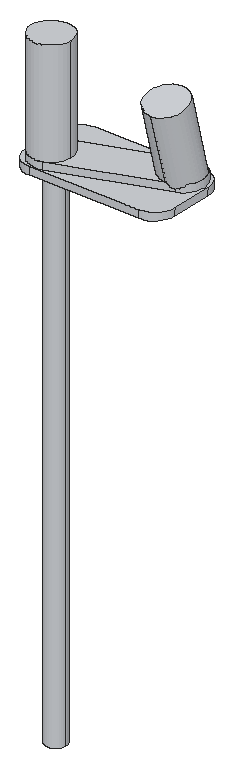
Revit family "Prier C-534", category Plumbing Fixtures, host Face, Revit 2012
Parameters (values of type "1/2" Inlet")
  Waste Connection = no
  Vent Connection = no
  URL = "www.Prier.com"
  Type Comments = if(Satin Nickel Plated, "Satin Nickel Plated", if(Rough Brass, "Rough Brass", "Custom"))  # "Satin Nickel Plated"
  Satin Nickel Plated = yes
  Rough Brass = no
  Model = "C-534"
  Manufacturer = "Prier"
  Inlet Radius = Inlet Size / 2  # 0' - 0 1/4"
  Inlet Size = 1/2"
  Hydrant Length [instance] = 1' - 0"
  HW Connection = no
  Default Elevation = 4' - 0"
  Custom = no
  Code Standards = "ASSE 1019, ASSE 1052, & CUPC"
  Code Listings = "ASSE. CUPC, & IAPMO"
  CW Connection = yes
Types (3): name | Inlet Radius | Inlet Size
  (no name) | 0' - 0 1/4" | 1/2"
  3/4" Inlet | 0' - 0 3/8" | 3/4"
  1/2" Inlet | 0' - 0 1/4" | 1/2"
Reference planes (in)
  plane 1 "Center (Front/Back)": y = 0
  plane 2: z = 0
  plane 3 "Center (Left/Right)": x = 0
  plane 4 "Hydrant Length": z = -12
  plane 5 "End of Threads": z = -12.875
  plane 6 "Hose Connection": through (0, 0.33794, 0.19684) normal (0, -0.2588, 0.9659)
Forms (in)
  Extrusion 1, solid
    sketch origin (0, 0, 0) x (1, 0, 0) y (0, 1, 0)
      loop
        arc (-1.375, 1.01562) -> (-1.72855, 0.86918) -> (-1.875, 0.51562) r 0.5
        line (-1.875, 0.51562) -> (-1.875, -0.51563)
        arc (-1.875, -0.51563) -> (-1.72855, -0.86918) -> (-1.375, -1.01563) r 0.5
        line (-1.375, -1.01563) -> (1.375, -1.01563)
        arc (1.375, -1.01563) -> (1.72855, -0.86918) -> (1.875, -0.51563) r 0.5
        line (1.875, -0.51563) -> (1.875, 0.51562)
        arc (1.875, 0.51562) -> (1.72855, 0.86918) -> (1.375, 1.01562) r 0.5
        line (1.375, 1.01562) -> (-1.375, 1.01562)
    from 0 to 0.187
  Extrusion 2, solid
    sketch origin (0, -0.5, -2.25) x (-1, 0, 0) y (0, -1, 0)
      loop
        circle (1.125, 0) r 0.25
    from 2.25 to -10.625
  Extrusion 3, solid
    sketch origin (0.75, 0.25, 0) x (1, 0, 0) y (0, 1, 0)
      loop
        arc (-2.18425, -0.2567) -> (-2.48309, -0.89756) -> (-1.84223, -1.19639) r 0.5
        line (-1.84223, -1.19639) -> (0.73304, -0.25907)
        arc (0.73304, -0.25907) -> (1.03188, 0.38178) -> (0.39102, 0.68062) r 0.5
        line (0.39102, 0.68062) -> (-2.18425, -0.2567)
    from 0.1875 to 0.375
  Extrusion 4, solid
    sketch origin (-0.00517, 1.03932, 0) x (1, 0, 0) y (0, 1, 0)
      loop
        circle (-1.25985, -1.51828) r 0.5
    from 0.375 to 3
Lines and regions (in)
  symbolic lines, style "PlumbingFixtures", detail levels fine
    curve 1: line (-1.375, 0, 0) -> (-1.375, 0, -12.875)
    curve 2: line (-1.375, 0, -12.875) -> (-0.875, 0, -12.875)
    curve 3: line (-0.875, 0, -12.875) -> (-0.875, 0, 0)
    curve 8: line (1.875, 0, 0) -> (1.875, 0, 0.375)
    curve 9: line (-1.875, 0, 0) -> (-1.875, 0, 0.375)
    curve 10: line (-1.875, 0, 0.375) -> (1.875, 0, 0.375)
    curve 11: line (-1.875, 0, 0) -> (1.875, 0, 0)
    curve 12: line (-0.75, 0, 0.375) -> (-0.75, 0, 3)
    curve 13: line (-1.75, 0, 0.375) -> (-1.75, 0, 3)
    curve 14: line (-1.75, 0, 3) -> (-0.75, 0, 3)
    curve 15: line (0.77579, 0, 0.375) -> (0.77579, 0, 2.28799)
    curve 16: line (1.77579, 0, 0.375) -> (1.77579, 0, 2.28799)
    curve 17: line (1.77579, 0, 2.28799) -> (0.77579, 0, 2.28799)
    curve 18: line (1.77579, 0, 2.24112) -> (0.77579, 0, 2.24112)
    curve 19: line (1.77579, 0, 2.19424) -> (0.77579, 0, 2.19424)
    curve 20: line (1.77579, 0, 2.14737) -> (0.77579, 0, 2.14737)
    curve 21: line (1.77579, 0, 2.10049) -> (0.77579, 0, 2.10049)
    curve 22: line (1.77579, 0, 2.05362) -> (0.77579, 0, 2.05362)
    curve 23: line (1.77579, 0, 2.00674) -> (0.77579, 0, 2.00674)
    curve 24: line (1.77579, 0, 1.95987) -> (0.77579, 0, 1.95987)
    curve 25: line (1.77579, 0, 1.91299) -> (0.77579, 0, 1.91299)
    curve 26: line (1.77579, 0, 1.86612) -> (0.77579, 0, 1.86612)
  symbolic lines, detail levels coarse+medium
    curve 4: line (-1.125, 0, 9.30462) -> (-1.125, 0, 0)
    curve 5: line (-3.375, 0, 6.6875) -> (1.125, 0, 6.6875)
    curve 7: line (-1.125, 0, -12.875) -> (-1.125, 0, 0)
  symbolic lines, not visible, detail levels coarse+medium
    curve 6: line (2.25, 6.90231, 0) -> (2.25, 2.40231, 0)
Dimensions and locks (in)
  locked: plane 4 "Hydrant Length" to plane 5 "End of Threads" at 0.875
  "Hydrant Length": plane 2 to plane 4 "Hydrant Length"
  "Inlet Radius": curve 3 to curve 7
  "Inlet Radius": curve 7 to curve 1
  "Inlet Radius": radius of Extrusion 2 sketch curve
  aligned and locked: plane 2 to host face
  aligned and locked: level to host face
  aligned and locked: Extrusion 1 to level
  aligned and locked: Extrusion 2 to plane 5 "End of Threads"
  aligned and locked: curve 2 to plane 5 "End of Threads"
  aligned and locked: plane 5 "End of Threads" to curve 7
  aligned and locked: plane 2 to Extrusion 2
  aligned and locked: plane 2 to curve 3
  aligned and locked: level to curve 8
  aligned and locked: curve 8 to Extrusion 1
  aligned and locked: curve 8 to Extrusion 3
  aligned and locked: curve 7 to curve 4
Automatic sketch dimensions
  curve 5 to curve 4 = 0' - 2 1/4"
  curve 4 to curve 5 = 0' - 2 1/4"
  curve 5 to curve 4 = 0' - 2.61712"
  curve 4 to curve 5 = 0' - 6 11/16"
  host sketch curve to host sketch curve = 0' - 7.38617"
  host sketch curve to host sketch curve = 0' - 6.70795"
  Extrusion 1 sketch curve to plane 1 "Center (Front/Back)" = 0' - 0 33/64"
  Extrusion 1 sketch curve to plane 3 "Center (Left/Right)" = 0' - 1 7/8"
  Extrusion 1 sketch curve to Extrusion 1 sketch curve = 0' - 0 1/2"  (x3)
  plane 3 "Center (Left/Right)" to Extrusion 1 sketch curve = 0' - 1 3/8"  (x2)
  plane 1 "Center (Front/Back)" to Extrusion 1 sketch curve = 0' - 0 33/64"
  Extrusion 2 sketch curve to plane 3 "Center (Left/Right)" = 0' - 1 1/8"
  Extrusion 3 sketch curve to plane 3 "Center (Left/Right)" = 0' - 1.09223"
  Extrusion 3 sketch curve to Extrusion 3 sketch curve = 0' - 0.17101"  (x4)
  plane 1 "Center (Front/Back)" to Extrusion 3 sketch curve = 0' - 0.0067"
  plane 3 "Center (Left/Right)" to Extrusion 3 sketch curve = 0' - 1.14102"
  plane 1 "Center (Front/Back)" to Extrusion 3 sketch curve = 0' - 0.00907"
  Extrusion 3 sketch curve to Extrusion 3 sketch curve = 0' - 0.46985"
  Extrusion 3 sketch curve to plane 1 "Center (Front/Back)" = 0' - 0.46077"
  plane 1 "Center (Front/Back)" to Extrusion 4 sketch curve = 0' - 0.47896"
  Extrusion 4 sketch curve to plane 3 "Center (Left/Right)" = 0' - 1.26502"
  curve 25 to curve 8 = 0' - 0.09921"
  plane 3 "Center (Left/Right)" to curve 26 = 0' - 0.77579"
  curve 3 to curve 12 = 0' - 0 1/8"
  curve 13 to curve 12 = 0' - 1"
  curve 9 to curve 13 = 0' - 0 1/8"
  curve 15 to curve 26 = 0' - 1.49112"
  curve 26 to curve 25 = 0' - 0 3/64"
  curve 25 to curve 24 = 0' - 0 3/64"
  curve 24 to curve 23 = 0' - 0 3/64"
  curve 23 to curve 22 = 0' - 0 3/64"
  curve 22 to curve 21 = 0' - 0 3/64"
  curve 21 to curve 20 = 0' - 0 3/64"
  curve 20 to curve 19 = 0' - 0 3/64"
  curve 19 to curve 18 = 0' - 0 3/64"
  curve 18 to curve 17 = 0' - 0 3/64"
  curve 15 to curve 14 = 0' - 0.71201"
  plane 1 "Center (Front/Back)" to Extrusion 2 sketch curve = 0' - 0 1/2"
  radius of Extrusion 4 sketch curve = 0' - 0 1/2"
Nested families (in)
  nested 1: "Hose Connection" at (1.27899, 0.47072, 0.23242) x (0, 0.9659, 0.2588) z (0, -0.2588, 0.9659), type "Hose Connection"
    with Outlet Size 1", Outlet Radius 0' - 0 1/2"
Connectors (in)
  piping at (-1.125, -0.5, -12.875), driven by "Inlet Radius"
    settings: on Extrusion 2, index 1, connector radius 1/4", flow factor 0, pipe flow 0 GPM, pressure drop 0.00 psi, fitting loss kfactor 0, connector angle 0.00°, fixture units 0, engagement length 0' - 0", flow configuration 0, flow direction 1, fitting loss method 0, system type 20, joint type 0, gender type 0, connector reference index -1, connector utility 0, adjustable connector no, is connector primary yes, fitting loss table "", connector description "Cold Water Inlet"
Definition of nested family "Hose Connection"
  Parameters (values of type "Hose Connection")
    Waste Connection = no
    Vent Connection = no
    URL = ""
    Type Comments = ""
    Outlet Size [instance] = 1"
    Outlet Radius [instance] = Outlet Size / 2  # 0' - 0 1/2"
    Model = ""
    Manufacturer = ""
    HW Connection = no
    Default Elevation = 4' - 0"
    CW Connection = yes
  Reference planes (in)
    plane 1 "Center (Front/Back)": y = 0
    plane 2: z = 0
    plane 3 "Center (Left/Right)": x = 0
    plane 4: z = 1.57812
    plane 5: z = 1.625
    plane 6: z = 1.67187
    plane 7: z = 1.71875
    plane 8: z = 1.76562
    plane 9: z = 1.8125
    plane 10: z = 1.85937
    plane 11: z = 1.90625
    plane 12: z = 1.95312
  Forms (in)
    Extrusion 1, solid
      sketch origin (0, 0, 0) x (1, 0, 0) y (0, 1, 0)
        loop
          line (-3.75, 3.25) -> (-3.75, -3.45795) -> (3.63617, -3.45795) -> (3.63617, 3.25) -> (-3.75, 3.25)
      from 0 to -2.72513
    Extrusion 2, solid
      sketch origin (-1.125, 0, 0) x (1, 0, 0) y (0, 1, 0)
        loop
          circle (1.125, 0) r 0.5
      from 0 to 2
  Lines and regions (in)
    model lines, detail levels fine
      curve 1: circle (0, 0, 1.57812) r 0.5 normal (0, 0, 1)
      curve 2: circle (0, 0, 1.625) r 0.5 normal (0, 0, 1)
      curve 3: circle (0, 0, 1.67187) r 0.5 normal (0, 0, 1)
      curve 4: circle (0, 0, 1.71875) r 0.5 normal (0, 0, 1)
      curve 5: circle (0, 0, 1.76562) r 0.5 normal (0, 0, 1)
      curve 6: circle (0, 0, 1.8125) r 0.5 normal (0, 0, 1)
      curve 7: circle (0, 0, 1.85937) r 0.5 normal (0, 0, 1)
      curve 8: circle (0, 0, 1.90625) r 0.5 normal (0, 0, 1)
      curve 9: circle (0, 0, 1.95312) r 0.5 normal (0, 0, 1)
    symbolic lines, style "PlumbingFixtures", detail levels fine
      curve 10: line (-0.5, 0, 0.375) -> (-0.5, 0, 2)
      curve 11: line (0.5, 0, 0.375) -> (0.5, 0, 2)
      curve 12: line (0.5, 0, 2) -> (-0.5, 0, 2)
    reference lines
      curve 13: line (0, 0, 2.13356) -> (0, 0, 2.28799)
  Dimensions and locks (in)
    "Outlet Radius": curve 11 to curve 13
    "Outlet Radius": curve 13 to curve 10
    "Outlet Radius": radius of Extrusion 2 sketch curve
    "Outlet Radius": radius of curve 1
    "Outlet Radius": radius of curve 2
    "Outlet Radius": radius of curve 3
    "Outlet Radius": radius of curve 4
    "Outlet Radius": radius of curve 5
    "Outlet Radius": radius of curve 6
    "Outlet Radius": radius of curve 7
    "Outlet Radius": radius of curve 8
    "Outlet Radius": radius of curve 9
    aligned and locked: plane 2 to Extrusion 1
    aligned and locked: level to Extrusion 1
    aligned and locked: Extrusion 2 to plane 2
  Automatic sketch dimensions
    Extrusion 1 sketch curve to Extrusion 1 sketch curve = 0' - 7.38617"
    Extrusion 1 sketch curve to Extrusion 1 sketch curve = 0' - 6.70795"
    plane 1 "Center (Front/Back)" to Extrusion 2 sketch curve = 0' - 0"
    plane 3 "Center (Left/Right)" to Extrusion 2 sketch curve = 0' - 0"
    plane 1 "Center (Front/Back)" to curve 1 = 0' - 0"
    plane 3 "Center (Left/Right)" to curve 1 = 0' - 0"
    plane 1 "Center (Front/Back)" to curve 2 = 0' - 0"
    plane 3 "Center (Left/Right)" to curve 2 = 0' - 0"
    plane 1 "Center (Front/Back)" to curve 3 = 0' - 0"
    plane 3 "Center (Left/Right)" to curve 3 = 0' - 0"
    plane 1 "Center (Front/Back)" to curve 4 = 0' - 0"
    plane 3 "Center (Left/Right)" to curve 4 = 0' - 0"
    plane 1 "Center (Front/Back)" to curve 5 = 0' - 0"
    plane 3 "Center (Left/Right)" to curve 5 = 0' - 0"
    plane 1 "Center (Front/Back)" to curve 6 = 0' - 0"
    plane 3 "Center (Left/Right)" to curve 6 = 0' - 0"
    plane 1 "Center (Front/Back)" to curve 7 = 0' - 0"
    plane 3 "Center (Left/Right)" to curve 7 = 0' - 0"
    plane 1 "Center (Front/Back)" to curve 8 = 0' - 0"
    plane 3 "Center (Left/Right)" to curve 8 = 0' - 0"
    plane 1 "Center (Front/Back)" to curve 9 = 0' - 0"
    plane 3 "Center (Left/Right)" to curve 9 = 0' - 0"
    plane 12 to curve 13 = 0' - 0.33487"
    curve 13 to curve 13 = 0' - 0.15443"
    plane 12 to curve 10 = 0' - 0 3/64"
    level to curve 10 = 0' - 0 3/8"
    level to curve 11 = 0' - 0 3/8"
    plane 3 "Center (Left/Right)" to curve 13 = 0' - 0"
